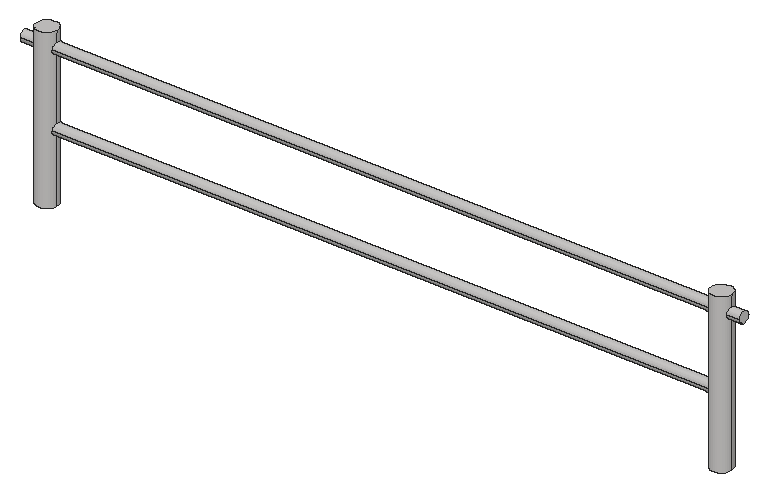
Revit family "Towel Rail-Double-Dorf Maximus", category Specialty Equipment, host Face, Revit 2014
Parameters (values of type "Standard")
  URL = "http://specify.caroma.com.au/"
  Type Comments = "Dorf Maximus Double Towel Rail - 600 mm"  # constant formula
  ModifiedIssue_ANZRS = 20160318.54  # constant formula
  Model = "1138.04"  # constant formula
  Material_ANZRS = Metal-Stainless Steel-Caroma
  Manufacturer = "GWA Bathrooms&Kitchens"  # constant formula
  Length = 600 mm  # constant formula
  Keynote = ""
  Description = "TBC"  # constant formula
  Default Elevation = 0 mm
  CreatedBy_ANZRS = "Design Content"  # constant formula
  CreatedByURL_ANZRS = "http://www.designcontent.com.au"
  Cost = 0  # constant formula
  Assembly Code = "C1030200"
Reference planes
  plane 1 "Center (Front/Back)": y = 0
  plane 2: z = 0
  plane 3 "Center (Left/Right)": x = 0
Forms (mm)
  Extrusion 1, solid, material "Metal-Stainless Steel-Caroma" <- "Material_ANZRS"
    sketch origin (0, 0, 0) x (1, 0, 0) y (0, 1, 0)
      loop
        circle (-279.001, 0) r 8.5
      loop
        circle (279.001, 0) r 8.5
    from 0 to 129.995
  Extrusion 2, solid, material "Metal-Stainless Steel-Caroma" <- "Material_ANZRS"
    sketch origin (0, 0, -52.571) x (0, 1, 0) y (0, 0, 1)
      loop
        circle (0, 109.559) r 4.5
    from -275.296 to 276.605
  Extrusion 3, solid, material "Metal-Stainless Steel-Caroma" <- "Material_ANZRS"
    sketch origin (0, 0, 7.445) x (0, 1, 0) y (0, 0, 1)
      loop
        circle (0, 109.559) r 4.5
    from -297.5 to 297.5
Cuts and joins
  joined: Extrusion 1, Extrusion 2, Extrusion 3
Dimensions and locks
  aligned and locked: plane 2 to host face
  aligned and locked: level to host face
  aligned and locked: Extrusion 1 to level
